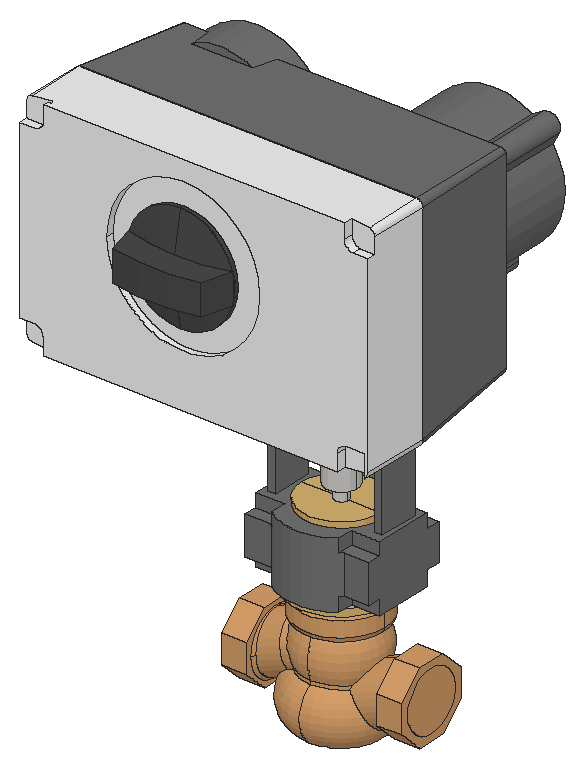
Revit family "VRB2_DN15-50_Internal_AMV(E) 438 SU_RFA_1", category Pipe Accessories, Revit 2019
Family settings
  Round Connector Dimension = Use Diameter
  Part Type = Valve - Breaks Into
  OmniClass Number = 23.65.55.14.17
  OmniClass Title = Adjusting/Controlling Valves for Liquid Services
  Work Plane-Based = No
  Always vertical = Yes
  Cut with Voids When Loaded = No
  Shared = No
Parameters (values of type "VRB2_DN15_Internal_Kvs0.63_065Z0231")
  W2A = 13 mm
  W = 137.6 mm  # constant formula
  Voltage = if(Actuator Type = [082H0123], 230 V, 24 V)  # 24 V
  R_200 = 17.5 mm
  Power = if(Actuator Type = [082H0121], 14 VA, 12 VA)  # 14 VA
  L = 80 mm
  Hmain = 84.8 mm
  Ha = 215.5 mm
  H_6 = -13 mm
  H_10 = 0 mm
  Min Medium Temperature = "-10°C"  # constant formula
  Max Medium Temperature = "130°C"  # constant formula
  H_T2 = 5.3 mm
  H_T1 = 7 mm
  L_thread = 6.314 mm
  H_5 = 20 mm
  L_thread3 = 16 mm
  Weight = 0.60 kg
  W3B = 10.5 mm
  W3A = 6 mm
  W2 = 13 mm
  W1 = 17 mm
  Valve Body Material = Danfoss Bronze (Rg5)
  V1 = if(and(LOD 350, D > 32 mm), 1 = 1, 1 = 0)  # no
  URL = "https://store.danfoss.com/en/Climate-Solutions-for-heating/Motorised-Control-Valves-/Globe-Valves/Valves-for-Heating-and-Cooling/c/4105?q=%3Arelevance%3Adanfoss_a50461501115_fts%3ATA5_1501120%3Adanfoss_producttypehierarchydesc%3Aa5e504a3817184ac1e79bda848e9e8cc9261b525&text="
  H_9 = -5 mm
  H_8 = 9 mm
  L1 = 11 mm
  Stroke = "10 mm"
  R1 = 13.5 mm
  R7 = 2.1 mm
  R4 = 3 mm
  R6 = 10.5 mm
  R5 = 12.5 mm
  R3 = 18.5 mm
  R_Flow Pipe = 13 mm
  Pressure Drop [instance] = 0.0 bar
  Nominal Pressure = "PN 16"  # constant formula
  NT = 11.25 mm
  L_thread2 = 33 mm
  N1 = 13 mm
  Model Type = "VRB2_DN15_Internal_Kvs0.63"
  Model = "065Z0231"
  Manufacturer = "Danfoss"
  LOD 350 = not(LOD 200)  # yes
  LOD 200 = no
  LM = 58 mm
  LL = 40 mm
  Kvs = 0.63 m³/h
  IfcExportType = "VRB2"  # constant formula
  IfcExportAs = "IfcValveType"  # constant formula
  H_Body Bottom = 25 mm
  HT_Flow pipe = 5 mm
  H_2_ve = -H_2  # -23.5 mm
  H_2 = 23.5 mm
  H_Body Top = 23 mm
  HB_Flow Pipe = 6.314 mm
  H_3 = 25.5 mm
  H1 = 39.5 mm
  H_1 = 31 mm
  H = 240.5 mm
  Flow [instance] = 0.0 m³/h
  Description = "Motorized Control Valve"  # constant formula
  D1 = 33 mm
  D4 = 25.1 mm
  D3 = 29.1 mm
  D2 = 23.1 mm
  D = 15 mm
  Connection = "Internal Thread"  # constant formula
  NT2 = 14.289 mm
  NT1 = NT * cos(30.00°)  # 9.743 mm
  Adapter Type = Adapter_AMV(E) 15(25)(35)_RFA : Adapter_AMV(E) 15(25)(35)_DN15-50_065Z0311
  Actuator Type = AMV(E) 438 SU_RFA : AME 438 SU_24V_082H0121
  A2_Flow Pipe = 158.00°
  A1_Flow pipe = 158.00°
  082H0123 = AMV(E) 438 SU_RFA : AMV 438 SU_230V_082H0123
  082H0121 = AMV(E) 438 SU_RFA : AME 438 SU_24V_082H0121
Reference planes
  plane 1 "Center (Front/Back)": y = 0
  plane 2 "XYPLANE": z = 0
  plane 3 "Center (Left/Right)": x = 0
  plane 4 "429": x = 27
  plane 5 "428": x = 29
  plane 6 "382": z = 23
  plane 7 "373": z = 0
  plane 8 "351": y = 7.5
  plane 9 "350": y = -7.5
  plane 10 "346": y = 1.5
  plane 11 "345": y = 4.5
  plane 12 "344": y = 10.5
  plane 13 "343": y = 12
  plane 14 "342": y = -1.5
  plane 15 "341": y = -4.5
  plane 16 "340": y = -10.5
  plane 17 "339": y = -12
  plane 18 "311": z = 81.8
  plane 19 "308": z = 79.8
  plane 20 "305": z = 54.3
  plane 21 "301": z = 49
  plane 22 "299": z = 47
  plane 23 "296": z = 44
  plane 24 "293": z = 41
  plane 25 "290": z = 38
  plane 26 "285": z = 16
  plane 27 "283": z = 84.8
  plane 28 "280": z = 54.5
  plane 29 "277": z = 20
  plane 30 "270": z = 29
  plane 31 "268": x = -18.5
  plane 32 "232": z = 22
  plane 33 "183": y = -0.2
  plane 34 "88": y = -13
  plane 35 "77": y = 13
  plane 36 "73": x = -29
  plane 37 "59": z = 31
  plane 38 "20": z = -6.314
  plane 39 "19": z = 6.314
  plane 40 "18": z = -16
  plane 41 "17": z = 16
  plane 42 "14": x = 40
  plane 43 "13": x = -40
  plane 44 "4": x = 0
  plane 45 "3": y = 0
  plane 46 "1": z = 0
  plane 47: y = -16.5
  plane 48: y = 16.5
  plane 49: y = -16.5
  plane 50: y = 16.5
  plane 51: x = -27
  plane 52: y = -6.5
  plane 53: y = 6.5
  plane 54: y = -13
  plane 55: y = -66.1
  plane 56: y = 71.5
  plane 57: z = 215.5
  plane 58: z = -25
Forms (mm)
  Blend 1, solid, material "Danfoss Bronze (Rg5)" <- "Valve Body Material", visible <- "LOD 350", detail levels fine
    base sketch origin (27, -750, 0) x (0, 1, 0) y (0, 0, 1)
      loop
        circle (750, 0) r 12.55
    top sketch origin (27, -750, 0) x (0, 1, 0) y (0, 0, 1)
      loop
        circle (750, 0) r 14.55
    from 0 to 2
  Blend 2, solid, material "Danfoss Bronze (Rg5)" <- "Valve Body Material", visible <- "LOD 350", detail levels fine
    base sketch origin (-29, -750, 0) x (0, 1, 0) y (0, 0, 1)
      loop
        circle (750, 0) r 14.55
    top sketch origin (-29, -750, 0) x (0, 1, 0) y (0, 0, 1)
      loop
        circle (750, 0) r 11.55
    from 0 to 2
  Extrusion 3, solid, material "Danfoss Bronze (Rg5)" <- "Valve Body Material", visible <- "V1", detail levels fine
    sketch origin (-750, 0, 31) x (1, 0, 0) y (0, 1, 0)
      loop
        line (766.5, 0) -> (758.25, 14.289) -> (741.75, 14.289) -> (733.5, 0) -> (741.75, -14.289) -> (758.25, -14.289) -> (766.5, 0)
      loop
        circle (750, 0) r 12.5
    from 0 to 5
  Blend 4, solid, material "Danfoss Stainless Steel AISI 304 / AISI 316L", detail levels fine
    base sketch origin (-750, 0, 81.8) x (1, 0, 0) y (0, 1, 0)
      loop
        circle (750, 0) r 3
    top sketch origin (-750, 0, 81.8) x (1, 0, 0) y (0, 1, 0)
      loop
        circle (750, 0) r 2.1
    from 0 to 3
  Extrusion 5, solid, material "Danfoss Stainless Steel AISI 304 / AISI 316L", detail levels fine
    sketch origin (-750, 0, 79.8) x (1, 0, 0) y (0, 1, 0)
      loop
        circle (750, 0) r 2.1
    from 0 to 2
  Extrusion 6, solid, material "Danfoss Stainless Steel AISI 304 / AISI 316L", detail levels fine
    sketch origin (-750, 0, 54.3) x (1, 0, 0) y (0, 1, 0)
      loop
        circle (750, 0) r 3
    from 0 to 25.5 <- "H_3"
  Extrusion 7, solid, material "Danfoss Bronze (Rg5)" <- "Valve Body Material", visible <- "LOD 350", detail levels fine
    sketch origin (-750, 0, 49) x (1, 0, 0) y (0, 1, 0)
      loop
        line (761.25, 0) -> (755.625, 9.743) -> (744.375, 9.743) -> (738.75, 0) -> (744.375, -9.743) -> (755.625, -9.743) -> (761.25, 0)
    from 0 to 5.3 <- "H_T2"
  Extrusion 8, solid, material "Danfoss Bronze (Rg5)" <- "Valve Body Material", visible <- "LOD 350", detail levels fine
    sketch origin (-750, 0, 47) x (1, 0, 0) y (0, 1, 0)
      loop
        circle (750, 0) r 12.5
    from 0 to 2
  Extrusion 9, solid, material "Danfoss Bronze (Rg5)" <- "Valve Body Material", visible <- "LOD 350", detail levels fine
    sketch origin (-750, 0, 44) x (1, 0, 0) y (0, 1, 0)
      loop
        circle (750, 0) r 10.5
    from 0 to 3
  Extrusion 10, solid, material "Danfoss Bronze (Rg5)" <- "Valve Body Material", visible <- "LOD 350", detail levels fine
    sketch origin (-750, 0, 41) x (1, 0, 0) y (0, 1, 0)
      loop
        circle (750, 0) r 12.5
    from 0 to 3
  Extrusion 11, solid, material "Danfoss Bronze (Rg5)" <- "Valve Body Material", visible <- "LOD 350", detail levels fine
    sketch origin (-750, 0, 38) x (1, 0, 0) y (0, 1, 0)
      loop
        circle (750, 0) r 10.5
    from 0 to 3
  Extrusion 12, solid, material "Danfoss Bronze (Rg5)" <- "Valve Body Material", visible <- "LOD 350", detail levels fine
    sketch origin (-750, 0, 31) x (1, 0, 0) y (0, 1, 0)
      loop
        circle (750, 0) r 12.5
    from 0 to 7 <- "H_T1"
  Extrusion 13, solid, material "Danfoss Bronze (Rg5)" <- "Valve Body Material", visible <- "LOD 200", detail levels fine
    sketch origin (-750, 0, 54.5) x (1, 0, 0) y (0, 1, 0)
      loop
        circle (750, 0) r 12.5
    from -0.2 to -23.5 <- "H_2_ve"
  Revolve 14, solid, material "Danfoss Bronze (Rg5)" <- "Valve Body Material", visible <- "LOD 350", detail levels fine
    sketch origin (-16.5, 0, 31) x (0, 0, 1) y (1, 0, 0)
      loop
        line (0, 16.5) -> (-11, 16.5) -> (-11, -2) -> (-9, -3) -> (-2, -3) -> (0, -2) -> (0, 16.5)
      axis (0, 16.5) -> (-11, 16.5)
    angle from 0 to -360
  Extrusion 15, solid, material "Danfoss Bronze (Rg5)" <- "Valve Body Material", visible <- "LOD 350", detail levels fine
    sketch origin (0, 0, 20) x (1, 0, 0) y (0, 1, 0)
      loop
        circle (0, 0) r 13.5
    from 0 to -5 <- "H_9"
  Extrusion 16, solid, material "Danfoss Bronze (Rg5)" <- "Valve Body Material", visible <- "LOD 200", detail levels fine
    sketch origin (-750, 0, 31) x (1, 0, 0) y (0, 1, 0)
      loop
        circle (750, 0) r 18.5
    from 0 to -13 <- "H_6"
  Extrusion 17, solid, material "Danfoss Bronze (Rg5)" <- "Valve Body Material", visible <- "LOD 200", detail levels fine
    sketch origin (-29, -750, 0) x (0, 1, 0) y (0, 0, 1)
      loop
        circle (750, 0) r 12.55
    from 0 to 58 <- "LM"
  Revolve 18, solid, material "Danfoss Bronze (Rg5)" <- "Valve Body Material", detail levels fine
    sketch origin (0, -0.2, 18.55) x (0, -1, 0) y (0, 0, 1)
      loop
        line (-0.2, 4.45) -> (-0.2, -43.55) -> (12.8, -43.55)
        arc (12.8, -43.55) -> (23.128, -32.382) -> (16.8, -18.55) r 13.717
        line (16.8, -18.55) -> (16.8, -16.925)
        arc (16.8, -16.925) -> (18.5, -5.545) -> (12.8, 4.45) r 17.586
        line (12.8, 4.45) -> (-0.2, 4.45)
      axis (-0.2, 4.45) -> (-0.2, -43.55)
    angle from 0 to -360
  Extrusion 19, solid, material "Danfoss Bronze (Rg5)" <- "Valve Body Material", visible <- "LOD 350", detail levels fine
    sketch origin (40, -750, 0) x (0, 1, 0) y (0, 0, 1)
      loop
        line (733.5, 6.314) -> (733.5, -6.314) -> (743.5, -16) -> (756.5, -16) -> (766.5, -6.314) -> (766.5, 6.314) -> (756.5, 16) -> (743.5, 16) -> (733.5, 6.314)
    from 0 to -11
  Extrusion 20, solid, material "Danfoss Bronze (Rg5)" <- "Valve Body Material", visible <- "LOD 350", detail levels fine
    sketch origin (-40, -750, 0) x (0, 1, 0) y (0, 0, 1)
      loop
        line (743.5, 16) -> (733.5, 6.314) -> (733.5, -6.314) -> (743.5, -16) -> (756.5, -16) -> (766.5, -6.314) -> (766.5, 6.314) -> (756.5, 16) -> (743.5, 16)
    from 0 to 11
  Sweep 21, solid, material "Danfoss Bronze (Rg5)" <- "Valve Body Material", visible <- "LOD 350", detail levels fine
    path origin (-16.5, 0, 31) x (0, 0, 1) y (1, 0, 0)
      loop
        line (-31, -23.5) -> (-31, -12.5) -> (-26, -0.125) -> (-26, 16.5)
    profile origin (-34.5, 0, 0) x (0, 0, -1) y (0, 1, 0)
      loop
        circle (0, 0) r 13
  Sweep 22, solid, material "Danfoss Bronze (Rg5)" <- "Valve Body Material", visible <- "LOD 350", detail levels fine
    path origin (-16.5, 0, 31) x (0, 0, 1) y (1, 0, 0)
      loop
        line (-31, 56.5) -> (-31, 45.5) -> (-37.314, 29.872) -> (-37.314, 16.5)
    profile origin (34.5, 0, 0) x (0, 0, 1) y (0, 1, 0)
      loop
        circle (0, 0) r 13
  Extrusion 23, solid, material "Danfoss Bronze (Rg5)" <- "Valve Body Material", visible <- "LOD 200", detail levels fine
    sketch origin (40, -750, 0) x (0, 1, 0) y (0, 0, 1)
      loop
        circle (750, 0) r 17.5
    from 0 to -11
  Extrusion 24, solid, material "Danfoss Bronze (Rg5)" <- "Valve Body Material", visible <- "LOD 200", detail levels fine
    sketch origin (-80, -750, 0) x (0, 1, 0) y (0, 0, -1)
      loop
        circle (750, 0) r 17.5
    from -40 to -51
Lines and regions (mm)
  reference lines, not visible
    curve 1: circle (2, 2, 0) r 1 normal (0, 0, 1)
  reference lines, visible <- "LOD 350"
    curve 2: line (0, 0, 31) -> (-4.125, 7.145, 31)
    curve 3: line (0, 0, 31) -> (-8.25, 0, 31)
    curve 4: line (0, 0, 31) -> (-4.125, -7.145, 31)
    curve 5: line (0, 0, 49) -> (-2.813, 4.871, 49)
    curve 6: line (0, 0, 49) -> (-5.625, 0, 49)
    curve 7: line (0, 0, 49) -> (-2.812, -4.871, 49)
Dimensions and locks
  plane 1 "Center (Front/Back)" to curve 1 = 2 mm
  locked: plane 5 "428" to plane 4 "429" at 2
  "L1": plane 42 "14" to plane 5 "428"
  locked: plane 12 "344" to plane 8 "351" at 3
  locked: plane 16 "340" to plane 9 "350" at 3
  locked: plane 11 "345" to plane 10 "346" at 3
  locked: plane 8 "351" to plane 11 "345" at 3
  locked: plane 13 "343" to plane 12 "344" at 1.5
  locked: plane 35 "77" to plane 13 "343" at 1
  locked: plane 15 "341" to plane 14 "342" at 3
  locked: plane 9 "350" to plane 15 "341" at 3
  locked: plane 17 "339" to plane 16 "340" at 1.5
  locked: plane 34 "88" to plane 17 "339" at 1
  locked: plane 19 "308" to plane 18 "311" at 2
  "H_3": plane 20 "305" to plane 19 "308"
  "H_T2": plane 21 "301" to plane 20 "305"
  locked: plane 22 "299" to plane 21 "301" at 2
  locked: plane 23 "296" to plane 22 "299" at 3
  locked: plane 24 "293" to plane 23 "296" at 3
  locked: plane 25 "290" to plane 24 "293" at 3
  "H_T1": plane 37 "59" to plane 25 "290"
  locked: plane 29 "277" to plane 26 "285" at 4
  "H_2": plane 37 "59" to plane 28 "280"
  locked: plane 37 "59" to plane 30 "270" at 2
  "R3": plane 44 "4" to plane 31 "268"
  "H_8": plane 37 "59" to plane 32 "232"
  locked: plane 45 "3" to plane 33 "183" at 0.2
  "W2": plane 45 "3" to plane 34 "88"
  "W2": plane 45 "3" to plane 35 "77"
  "L1": plane 43 "13" to plane 36 "73"
  "H_1": plane 46 "1" to plane 37 "59"
  "L_thread": plane 46 "1" to plane 38 "20"
  "L_thread": plane 46 "1" to plane 39 "19"
  "L_thread3": plane 46 "1" to plane 40 "18"
  "L_thread3": plane 46 "1" to plane 41 "17"
  "LL": plane 44 "4" to plane 42 "14"
  "LL": plane 44 "4" to plane 43 "13"
  locked: plane 3 "Center (Left/Right)" to plane 44 "4"
  locked: plane 1 "Center (Front/Back)" to plane 45 "3"
  locked: plane 2 "XYPLANE" to plane 46 "1"
  "NT2": curve 2 to Extrusion 3 sketch curve  (x2)
  "NT2": curve 3 to Extrusion 3 sketch curve  (x2)
  "NT2": curve 4 to Extrusion 3 sketch curve  (x2)
  Extrusion 3 sketch curve to Extrusion 3 sketch curve = 0 mm  (x12)
  "NT1": curve 5 to Extrusion 7 sketch curve  (x2)
  "NT1": curve 6 to Extrusion 7 sketch curve  (x2)
  "NT1": curve 7 to Extrusion 7 sketch curve  (x2)
  Extrusion 7 sketch curve to Extrusion 7 sketch curve = 0 mm  (x12)
  Revolve 14 sketch curve to Revolve 14 sketch curve = 0 mm  (x6)
  Extrusion 20 sketch curve to Extrusion 20 sketch curve = 0 mm  (x16)
  "H_5": plane 29 "277" to level
  Revolve 18 sketch curve to Revolve 18 sketch curve = 1.625 mm
  "H_Body Top": plane 6 "382" to level
  "W1": plane 1 "Center (Front/Back)" to Revolve 18 sketch curve
  plane 42 "14" to plane 43 "13" = 80 mm
  "W3B": plane 34 "88" to Revolve 18 sketch curve
  "H_Body Bottom": level to Revolve 18 sketch curve
  "N1": Extrusion 20 sketch curve to Extrusion 20 sketch curve  (x2)
  equal spacing: Extrusion 20 sketch curve, plane 1 "Center (Front/Back)", Extrusion 20 sketch curve  (x2)
  equal spacing: plane 48, plane 1 "Center (Front/Back)", plane 47
  "L_thread2": plane 48 to plane 47
  equal spacing: plane 50, plane 1 "Center (Front/Back)", plane 49
  "L_thread2": plane 50 to plane 49
  locked: plane 36 "73" to plane 51 at 2
  plane 13 "343" to plane 17 "339" = 24 mm
  equal spacing: plane 53, plane 1 "Center (Front/Back)", plane 52
  "N1": plane 53 to plane 52
  plane 39 "19" to Extrusion 19 sketch curve = 0 mm
  Extrusion 19 sketch curve to plane 52 = 0 mm  (x2)
  "HT_Flow pipe": Sweep 21 sketch curve to Sweep 21 sketch curve
  "HB_Flow Pipe": Sweep 22 sketch curve to Sweep 22 sketch curve
  Extrusion 19 sketch curve to plane 53 = 0 mm  (x3)
  Extrusion 19 sketch curve to plane 38 "20" = 0 mm  (x2)
  Extrusion 19 sketch curve to plane 39 "19" = 0 mm
  "W2A": plane 1 "Center (Front/Back)" to plane 54
  "W3A": plane 54 to Revolve 18 sketch curve
  Revolve 14 sketch curve to plane 31 "268" = 0 mm
  plane 1 "Center (Front/Back)" to Revolve 18 sketch curve = 23.5 mm
  locked: nested 2 to plane 37 "59" at 1.3
  locked: nested 3 to plane 37 "59" at 4.5
  locked: plane 55 to plane 1 "Center (Front/Back)" at 66.1
  "W": plane 55 to plane 56
  "Ha": plane 57 to level
  "H": plane 57 to plane 58
  "Hmain": plane 27 "283" to level
  "D3": diameter of Blend 1 sketch curve
  "D4": diameter of Blend 1 sketch curve
  "D2": diameter of Blend 2 sketch curve
  "D3": diameter of Blend 2 sketch curve
  "R5": radius of Extrusion 3 sketch curve
  "R7": radius of Blend 4 sketch curve
  "R4": radius of Blend 4 sketch curve
  "R7": radius of Extrusion 5 sketch curve
  "R4": radius of Extrusion 6 sketch curve
  "R5": radius of Extrusion 8 sketch curve
  "R6": radius of Extrusion 9 sketch curve
  "R5": radius of Extrusion 10 sketch curve
  "R6": radius of Extrusion 11 sketch curve
  "R5": radius of Extrusion 12 sketch curve
  "R5": radius of Extrusion 13 sketch curve
  "R1": radius of Extrusion 15 sketch curve
  "D4": diameter of Extrusion 17 sketch curve
  "R_Flow Pipe": radius of Sweep 21 sketch curve
  "R_Flow Pipe": radius of Sweep 22 sketch curve
  "R3": radius of Extrusion 16 sketch curve
  "R_200": radius of Extrusion 23 sketch curve
  "R_200": radius of Extrusion 24 sketch curve
  locked: curve 3 to curve 2 (angle 60.00°)
  locked: curve 4 to curve 3 (angle 60.00°)
  locked: curve 4 to curve 2 (angle 120.00°)
  locked: curve 6 to curve 5 (angle 60.00°)
  locked: curve 7 to curve 6 (angle 60.00°)
  locked: curve 7 to curve 5 (angle 120.00°)
  "A1_Flow pipe": angle Sweep 21 sketch curve to level
  "A2_Flow Pipe": angle Sweep 22 sketch curve to level
  aligned and locked: level to plane 2 "XYPLANE"
  aligned and locked: Blend 1 sketch curve to plane 45 "3"  (x2)
  aligned and locked: plane 46 "1" to Blend 1 sketch curve  (x2)
  aligned and locked: plane 5 "428" to Blend 1
  aligned and locked: Blend 2 sketch curve to plane 45 "3"  (x2)
  aligned and locked: plane 46 "1" to Blend 2 sketch curve  (x2)
  aligned and locked: plane 44 "4" to curve 4
  aligned and locked: plane 45 "3" to curve 4
  aligned and locked: plane 44 "4" to Extrusion 3 sketch curve
  aligned and locked: plane 45 "3" to Extrusion 3 sketch curve
  aligned and locked: plane 44 "4" to Blend 4 sketch curve  (x2)
  aligned and locked: plane 45 "3" to Blend 4 sketch curve  (x2)
  aligned and locked: plane 27 "283" to Blend 4
  aligned and locked: plane 44 "4" to Extrusion 5 sketch curve
  aligned and locked: plane 45 "3" to Extrusion 5 sketch curve
  aligned and locked: plane 44 "4" to Extrusion 6 sketch curve
  aligned and locked: plane 45 "3" to Extrusion 6 sketch curve
  aligned and locked: plane 44 "4" to curve 7
  aligned and locked: plane 45 "3" to curve 7
  aligned and locked: plane 44 "4" to Extrusion 8 sketch curve
  aligned and locked: plane 45 "3" to Extrusion 8 sketch curve
  aligned and locked: plane 44 "4" to Extrusion 9 sketch curve
  aligned and locked: plane 45 "3" to Extrusion 9 sketch curve
  aligned and locked: plane 44 "4" to Extrusion 10 sketch curve
  aligned and locked: plane 45 "3" to Extrusion 10 sketch curve
  aligned and locked: plane 44 "4" to Extrusion 11 sketch curve
  aligned and locked: plane 45 "3" to Extrusion 11 sketch curve
  aligned and locked: plane 44 "4" to Extrusion 12 sketch curve
  aligned and locked: plane 45 "3" to Extrusion 12 sketch curve
  aligned and locked: plane 44 "4" to Extrusion 13 sketch curve
  aligned and locked: plane 45 "3" to Extrusion 13 sketch curve
  aligned and locked: plane 37 "59" to Revolve 14 sketch curve  (x2)
  aligned and locked: plane 31 "268" to Revolve 14 sketch curve
  aligned and locked: plane 30 "270" to Revolve 14 sketch curve
  aligned and locked: plane 32 "232" to Revolve 14 sketch curve
  aligned and locked: plane 29 "277" to Revolve 14 sketch curve  (x2)
  aligned and locked: plane 44 "4" to Extrusion 15 sketch curve
  aligned and locked: plane 45 "3" to Extrusion 15 sketch curve
  aligned and locked: plane 44 "4" to Extrusion 16 sketch curve
  aligned and locked: plane 45 "3" to Extrusion 16 sketch curve
  aligned and locked: Extrusion 17 sketch curve to plane 45 "3"
  aligned and locked: plane 46 "1" to Extrusion 17 sketch curve
  aligned and locked: Revolve 18 sketch curve to plane 34 "88"
  aligned and locked: plane 46 "1" to Revolve 18 sketch curve
  aligned and locked: Extrusion 20 sketch curve to plane 41 "17"
  aligned and locked: plane 41 "17" to Extrusion 20 sketch curve
  aligned and locked: plane 40 "18" to Extrusion 20 sketch curve  (x2)
  aligned and locked: plane 6 "382" to Revolve 18 sketch curve
  aligned and locked: Extrusion 20 sketch curve to plane 48
  aligned and locked: plane 47 to Extrusion 20 sketch curve  (x2)
  aligned and locked: plane 48 to Extrusion 20 sketch curve
  aligned and locked: plane 49 to Extrusion 19 sketch curve
  aligned and locked: Extrusion 20 to Extrusion 19 sketch curve
  aligned and locked: plane 40 "18" to Extrusion 19 sketch curve
  aligned and locked: Sweep 21 sketch curve to level
  aligned and locked: level to Sweep 21 sketch curve
  aligned and locked: plane 1 "Center (Front/Back)" to Sweep 21 sketch curve
  aligned and locked: level to Sweep 22 sketch curve  (x2)
  aligned and locked: plane 1 "Center (Front/Back)" to Sweep 22 sketch curve
  aligned and locked: plane 20 "305" to Extrusion 13
  aligned and locked: plane 41 "17" to Extrusion 19 sketch curve
  aligned and locked: plane 3 "Center (Left/Right)" to Revolve 14 sketch curve
  aligned and locked: Revolve 14 sketch curve to Revolve 14 sketch curve
  aligned and locked: Extrusion 16 to Revolve 14 sketch curve
  aligned and locked: plane 1 "Center (Front/Back)" to nested 1
  aligned and locked: plane 3 "Center (Left/Right)" to nested 1
  aligned and locked: plane 54 to Revolve 18 sketch curve
  aligned and locked: plane 29 "277" to Extrusion 15
  aligned and locked: Extrusion 19 to plane 5 "428"
  aligned and locked: plane 36 "73" to Extrusion 20
  aligned and locked: Extrusion 23 to plane 5 "428"
  aligned and locked: Extrusion 23 to plane 42 "14"
  aligned and locked: Extrusion 24 to plane 36 "73"
  aligned and locked: Extrusion 24 to plane 43 "13"
  aligned and locked: Revolve 18 sketch curve to plane 1 "Center (Front/Back)"  (x2)
  aligned and locked: plane 3 "Center (Left/Right)" to nested 2
  aligned and locked: plane 1 "Center (Front/Back)" to nested 2
  aligned and locked: plane 1 "Center (Front/Back)" to nested 3
Automatic sketch dimensions
  plane 3 "Center (Left/Right)" to curve 1 = 2 mm
  Revolve 14 sketch curve to Revolve 14 sketch curve = 1 mm
  Extrusion 16 sketch curve to plane 31 "268" = 0 mm
  Revolve 18 sketch curve to plane 18 "311" = 0.092 mm
  Revolve 18 sketch curve to plane 57 = 2525.961 mm
  Extrusion 20 sketch curve to plane 38 "20" = 0 mm  (x2)
  Extrusion 20 sketch curve to plane 39 "19" = 0 mm  (x2)
  Sweep 21 sketch curve to plane 43 "13" = 0 mm
  Sweep 21 sketch curve to plane 36 "73" = 0 mm
  Sweep 21 sketch curve to plane 3 "Center (Left/Right)" = 0 mm
  Sweep 22 sketch curve to plane 3 "Center (Left/Right)" = 0 mm
  Sweep 22 sketch curve to plane 5 "428" = 0 mm
  Sweep 22 sketch curve to plane 42 "14" = 0 mm
  Extrusion 23 sketch curve to level = 0 mm
  Extrusion 23 sketch curve to plane 1 "Center (Front/Back)" = 0 mm
  Extrusion 24 sketch curve to level = 0 mm
  Extrusion 24 sketch curve to plane 1 "Center (Front/Back)" = 0 mm
  radius of curve 1 = 1 mm
Nested families
  nested 1: "Schematic_2-Way Valve" at (0, 0, 0), type "Schematic_2-Way Valve", detail levels coarse+medium
    with L_1 26.667 mm, L 80 mm, H 80 mm, D1 33 mm
  nested 2: "Adapter_AMV(E) 15(25)(35)_RFA" at (0, 0, 32.3), type <- "Adapter Type", type "Adapter_AMV(E) 15(25)(35)_DN15-50_065Z0311", detail levels fine
  nested 3: "AMV(E) 438 SU_RFA" at (0, 0, 35.5), LOD 200 <- "LOD 200", type <- "Actuator Type", Voltage <- "Voltage", Power <- "Power", type "AME 438 SU_24V_082H0121", detail levels fine
    with Voltage 24 V, Power 14 VA, LOD 350 yes, LOD 200 no
Connectors
  piping at (40, 0, 0), diameter 15, driven by "D", driven by "Flow"
    settings: on Sweep 22, index 4, connector inside diameter 609.6 mm, connector length 0 mm, flow factor 0, pipe flow 0.0 m³/h, pressure drop 0.0 bar, fitting loss kfactor 0, connector angle 0.00°, fixture units 0, engagement length 0 mm, angle of deflection 0.00°, flow configuration 0, flow direction 1, fitting loss method 0, system type 29, joint type 0, gender type 0, connector reference index 5, connector utility 0, adjustable connector no, is connector primary no, connector description ""
  piping at (-40, 0, 0), diameter 15, driven by "D", driven by "Flow"
    settings: on Sweep 21, index 5, connector inside diameter 609.6 mm, connector length 0 mm, flow factor 0, pipe flow 0.0 m³/h, pressure drop 0.0 bar, fitting loss kfactor 0, connector angle 0.00°, fixture units 0, engagement length 0 mm, angle of deflection 0.00°, flow configuration 0, flow direction 2, fitting loss method 0, system type 29, joint type 0, gender type 0, connector reference index 4, connector utility 0, adjustable connector no, is connector primary yes, connector description ""
  electrical at (0, 0, 0), driven by "Voltage", driven by "Power"
    settings: index 14, voltage 24 V, apparent load 0 VA, apparent load phase1 14 VA, apparent load phase2 0 VA, apparent load phase3 0 VA, power factor 0.95, load classification "HVAC", number of poles 1, system type 31, power factor state 1, is connector primary yes, connector utility no, sub classification motor no, connector description ""
Definition of nested family "Adapter_AMV(E) 15(25)(35)_RFA"
  Parameters (values of type "Adapter_AMV(E) 25_DN40-100_003Z0694")
    W = 45 mm
    URL = "https://store.danfoss.com/en/Climate-Solutions-for-heating/Hydronic-Balancing-and-Control/Pressure-independent-balancing-and-control/Pressure-Independent-Control-Valves-%28PICV%29/AB-QM-Accessories/Adapter-AMV-E-25-DN-40---100/p/003Z0694"
    Model Type = "Adapter_AMV(E) 25_DN40-100"
    Model = "003Z0694"
    Manufacturer = "Danfoss"  # constant formula
    L = 45 mm
    IfcExportType = "Adapter"  # constant formula
    IfcExportAs = "IfcValveType"  # constant formula
    H2 = 20 mm
    H1 = 20 mm
    H = 54.7 mm
    Description = "Adapter"  # constant formula
  Types (2, lengths in mm): name | URL | Model Type | Model | H2 | H1 | H
    Adapter_AMV(E) 25_DN40-100_003Z0694 | "https://store.danfoss.com/en/Climate-Solutions-for-heating/Hydronic-Balancing-and-Control/Pressure-independent-balancing-and-control/Pressure-Independent-Control-Valves-%28PICV%29/AB-QM-Accessories/Adapter-AMV-E-25-DN-40---100/p/003Z0694" | "Adapter_AMV(E) 25_DN40-100" | "003Z0694" | 20 | 20 | 54.7
    Adapter_AMV(E) 15(25)(35)_DN15-50_065Z0311 | "https://store.danfoss.com/en/Climate-Solutions-for-heating/Motorised-Control-Valves/Actuators-for-Globe-Valves/Accessories-for-actuators/AdapAMx15-16-25-35-VRB-G%2CVF-L2009dn15-50/p/065Z0311" | "Adapter_AMV(E) 15(25)(35)_DN15-50" | "065Z0311" | 28 | 34 | 69
  Reference planes
    plane 1 "Center (Front/Back)": y = 0
    plane 2: z = 0
    plane 3 "Center (Left/Right)": x = 0
    plane 4: z = 54.7
    plane 5: x = -22.5
    plane 6: x = 22.5
    plane 7: z = 34.7
    plane 8: z = 34.7
  Forms (mm)
    Revolve 1, solid
      sketch origin (0, 0, 0) x (1, 0, 0) y (0, 0, 1)
        loop
          line (0, 34.7) -> (-17.5, 34.7) -> (-17.5, 29.396) -> (-14.5, 18.2) -> (-17.5, 18.2) -> (-17.5, 3.2) -> (-22.5, 3.2) -> (-22.5, 0) -> (0, 0) -> (0, 34.7)
        axis (0, 34.7) -> (0, 0)
      angle from 0 to 360
    Revolve 2, solid
      sketch origin (0, 0, 0) x (1, 0, 0) y (0, 0, 1)
        loop
          line (0, 54.7) -> (-3, 54.7) -> (-3, 52.7) -> (-2, 52.7) -> (-2, 48.7) -> (-4, 45.844) -> (-4, 41.2) -> (-7, 41.2) -> (-7, 34.7) -> (0, 34.7) -> (0, 54.7)
        axis (0, 54.7) -> (0, 34.7)
      angle from 0 to 360
  Dimensions and locks
    equal spacing: plane 6, plane 3 "Center (Left/Right)", plane 5
    "L": plane 6 to plane 5
    "H": plane 4 to plane 2
    plane 3 "Center (Left/Right)" to Revolve 1 sketch curve = 17.5 mm
    Revolve 1 sketch curve to Revolve 1 sketch curve = 3.2 mm
    "H1": plane 4 to plane 7
    "H2": plane 4 to plane 8
    aligned and locked: level to plane 2
    aligned and locked: Revolve 1 sketch curve to plane 3 "Center (Left/Right)"
    aligned and locked: Revolve 1 sketch curve to plane 5
    aligned and locked: Revolve 1 sketch curve to plane 2
    aligned and locked: Revolve 1 sketch curve to Revolve 1 sketch curve
    aligned and locked: Revolve 2 sketch curve to plane 3 "Center (Left/Right)"
    aligned and locked: Revolve 2 sketch curve to plane 4
    aligned and locked: Revolve 2 sketch curve to Revolve 2 sketch curve
    aligned and locked: Revolve 1 sketch curve to plane 7
    aligned and locked: Revolve 2 sketch curve to plane 8
  Automatic sketch dimensions
    Revolve 1 sketch curve to level = 0 mm
    plane 5 to Revolve 1 sketch curve = 5 mm
    Revolve 1 sketch curve to Revolve 1 sketch curve = 3 mm
    Revolve 1 sketch curve to Revolve 1 sketch curve = 15 mm
    Revolve 1 sketch curve to Revolve 1 sketch curve = 5.304 mm
    Revolve 2 sketch curve to plane 4 = 0 mm
    Revolve 2 sketch curve to plane 3 "Center (Left/Right)" = 2 mm
    Revolve 2 sketch curve to Revolve 2 sketch curve = 1 mm
    Revolve 2 sketch curve to plane 3 "Center (Left/Right)" = 4 mm
    Revolve 2 sketch curve to Revolve 2 sketch curve = 7 mm
    Revolve 2 sketch curve to Revolve 2 sketch curve = 4.644 mm
    Revolve 2 sketch curve to Revolve 2 sketch curve = 2.856 mm
    Revolve 2 sketch curve to plane 4 = 2 mm
    Revolve 2 sketch curve to Revolve 2 sketch curve = 4 mm
    Revolve 1 sketch curve to plane 7 = 0 mm
    plane 7 to Revolve 2 sketch curve = 2 mm
Definition of nested family "AMV(E) 438 SU_RFA"
  Parameters (values of type "AME 438 SU_24V_082H0121")
    Weight = 2.30 kg  # constant formula
    W [instance] = 137.6 mm
    Voltage [instance] = 24 V
    URL = "https://store.danfoss.com/en/Climate-Solutions-for-heating/Motorised-Control-Valves/Actuators-for-Globe-Valves/Actuators-With-Safety-Function/c/4110?q=%3Arelevance%3Adanfoss_producttypehierarchydesc%3AAME+438+SU%3Adanfoss_producttypehierarchydesc%3AAMV+438+SU&text="
    Speed = "15 s/mm"  # constant formula
    Safety Function = "Spring Up"  # constant formula
    Power [instance] = 14 VA
    Output Signal = "0-10 V"
    Model Type = "AME 438 SU_24V"
    Model = "082H0121"
    Min Ambient Temperature = "0 °C"  # constant formula
    Max Stroke = 15 mm  # constant formula
    Max Medium Temperature = "150 °C"  # constant formula
    Max Ambient Temperature = "55 °C"  # constant formula
    Manufacturer = "Danfoss"  # constant formula
    LOD 350 [instance] = not(LOD 200)  # yes
    LOD 200 [instance] = no
    L [instance] = 155 mm
    IfcExportType = "AME 438 SU"
    IfcExportAs = "IfcActuatorType"  # constant formula
    H [instance] = 180 mm
    Description = "Gear Actuator"  # constant formula
    Control Input Signal = "0-10 V / 0-20 mA"
    Closing Force = "450 N"  # constant formula
    Body Material = none
  Types (4, lengths in mm): name | Voltage | Power | Output Signal | Model Type | Model | IfcExportType | Control Input Signal
    (no name) | 24 V | 14 VA | "0-10 V" | "AME 438 SU_24V" | "082H0121" | "AME 438 SU" | "0-10 V / 0-20 mA"
    AMV 438 SU_24V_082H0122 | 24 V | 12 VA | "End-position feedback" | "AMV 438 SU_24V" | "082H0122" | "AMV 438 SU" | "3-point"
    AME 438 SU_24V_082H0121 | 24 V | 14 VA | "0-10 V" | "AME 438 SU_24V" | "082H0121" | "AME 438 SU" | "0-10 V / 0-20 mA"
    AMV 438 SU_230V_082H0123 | 230 V | 12 VA | "End-position feedback" | "AMV 438 SU_230V" | "082H0123" | "AMV 438 SU" | "3-point"
  Reference planes
    plane 1 "Center (Front/Back)": y = 0
    plane 2: z = 0
    plane 3 "Center (Left/Right)": x = 0
    plane 4: z = 180
    plane 5: x = 28
    plane 6 "1": x = -28
    plane 7: x = 51
    plane 8: x = -104
    plane 9: z = 74
    plane 10: z = 29.5
    plane 11: y = 71.5
    plane 12: y = -66.1
    plane 13: y = -54
    plane 14: y = 34
    plane 15: y = 23
    plane 16: y = -23
    plane 17: x = 22
    plane 18: x = -22
    plane 19: x = 46
    plane 20: x = -99
    plane 21: z = 79
    plane 22: z = 175
    plane 23: z = 176
    plane 24: z = 78
    plane 25: y = -49
    plane 26: z = 173.2
    plane 27: z = 80.8
    plane 28: z = 134.5
    plane 29 "2": x = -31
    plane 30: x = -97
    plane 31: x = 44
    plane 32: x = -71.6
    plane 33: x = 11
    plane 34: y = -18.5
  Forms (mm)
    Extrusion 1, solid, material <- "Body Material", visible <- "LOD 350", detail levels fine
      sketch origin (0, 0, 0) x (1, 0, 0) y (0, 1, 0)
        loop
          arc (-16.248, -19) -> (0, -25) -> (16.248, -19) r 25
          line (16.248, -19) -> (27.62, -19) -> (27.62, 20) -> (15, 20)
          arc (15, 20) -> (0, 25) -> (-15, 20) r 25
          line (-15, 20) -> (-27.62, 20) -> (-27.62, -19) -> (-16.248, -19)
      from 0 to 29.5
    Extrusion 2, solid, material <- "Body Material", visible <- "LOD 350", detail levels fine
      sketch origin (0, 0, 0) x (1, 0, 0) y (0, 0, 1)
        loop
          line (22, 66.67) -> (22, 29.5) -> (25.4, 29.5) -> (25.4, 66.67) -> (22, 66.67)
      from -9 to 9
    Extrusion 3, solid, material <- "Body Material", visible <- "LOD 350", detail levels fine
      sketch origin (0, 0, 0) x (-1, 0, 0) y (0, 0, -1)
        loop
          line (22, -66.67) -> (25.4, -66.67) -> (25.4, -29.5) -> (22, -29.5) -> (22, -66.67)
      from -9 to 9
    Blend 4, solid, visible <- "LOD 350", detail levels fine
      base sketch origin (0, 0, 0) x (1, 0, 0) y (0, 0, 1)
        loop
          line (51, 80.879) -> (51, 173.2)
          arc (51, 173.2) -> (50.295, 175.174) -> (48.5, 176.255) r 3.117
          arc (48.5, 176.255) -> (-26.5, 180.013) -> (-101.5, 176.255) r 750.263
          arc (-101.5, 176.255) -> (-103.295, 175.174) -> (-104, 173.2) r 3.117
          line (-104, 173.2) -> (-104, 80.8)
          arc (-104, 80.8) -> (-103.295, 78.826) -> (-101.5, 77.745) r 3.117
          arc (-101.5, 77.745) -> (-26.535, 73.991) -> (48.429, 77.738) r 751.077
          arc (48.429, 77.738) -> (50.275, 78.849) -> (51, 80.879) r 3.204
      top sketch origin (0, 0, 0) x (1, 0, 0) y (0, 0, 1)
        loop
          line (-104, 173.2) -> (-104, 80.8)
          arc (-104, 80.8) -> (-103.295, 78.826) -> (-101.5, 77.745) r 3.117
          arc (-101.5, 77.745) -> (-26.535, 73.991) -> (48.429, 77.738) r 751.077
          arc (48.429, 77.738) -> (50.275, 78.849) -> (51, 80.879) r 3.204
          line (51, 80.879) -> (51, 173.2)
          arc (51, 173.2) -> (50.295, 175.174) -> (48.5, 176.255) r 3.117
          arc (48.5, 176.255) -> (-26.5, 180.013) -> (-101.5, 176.255) r 750.263
          arc (-101.5, 176.255) -> (-103.295, 175.174) -> (-104, 173.2) r 3.117
      from 18.5 to 49
    Revolve 5, solid, visible <- "LOD 350", detail levels fine
      sketch origin (-31, 0, 0) x (0, 0, 1) y (0, -1, 0)
        loop
          line (158.578, 49) -> (158.578, 50.625) -> (140.681, 54) -> (134.5, 54) -> (134.5, 49) -> (158.578, 49)
        axis (134.5, 49) -> (134.5, 54)
      angle from 0 to 360
    Extrusion 6, solid, visible <- "LOD 350", detail levels fine
      sketch origin (0, 4.396, 0) x (1, 0, 0) y (0, 1, 0)
        loop
          arc (-50.517, -68.508) -> (-30.981, -70.634) -> (-11.456, -68.408) r 88.747
          line (-11.456, -68.408) -> (-7.869, -55.021)
          arc (-7.869, -55.021) -> (-31, -58.764) -> (-54.131, -55.021) r 73.346
          line (-54.131, -55.021) -> (-50.517, -68.508)
      from 127.697 to 141.4
    Extrusion 7, void
      sketch origin (0, 0, 0) x (1, 0, 0) y (0, 0, 1)
        loop
          circle (-31, 134.5) r 34.064
      from 46 to 49
    Extrusion 8, void
      sketch origin (0, 0, 0) x (1, 0, 0) y (0, 0, 1)
        loop
          line (-105.641, 75.49) -> (-93.5, 75.49) -> (-93.5, 84.02)
          arc (-93.5, 84.02) -> (-94.489, 86.765) -> (-97, 88.25) r 4.307
          line (-97, 88.25) -> (-105.641, 88.25) -> (-105.641, 75.49)
        loop
          line (49.641, 75.49) -> (49.641, 88.25) -> (41, 88.25)
          arc (41, 88.25) -> (38.489, 86.765) -> (37.5, 84.02) r 4.307
          line (37.5, 84.02) -> (37.5, 75.49) -> (49.641, 75.49)
        loop
          line (-105.328, 179.135) -> (-105.328, 166.375) -> (-96.687, 166.375)
          arc (-96.687, 166.375) -> (-94.176, 167.86) -> (-93.188, 170.605) r 4.307
          line (-93.188, 170.605) -> (-93.188, 179.135) -> (-105.328, 179.135)
        loop
          line (52.766, 179.135) -> (40.625, 179.135) -> (40.625, 170.605)
          arc (40.625, 170.605) -> (41.614, 167.86) -> (44.125, 166.375) r 4.307
          line (44.125, 166.375) -> (52.766, 166.375) -> (52.766, 179.135)
      from 45 to 49
    Extrusion 9, solid, material <- "Body Material", detail levels fine
      sketch origin (0, 0, 0) x (1, 0, 0) y (0, 0, 1)
        loop
          circle (-71.6, 146.308) r 29.997
      from -23 to -43
    Extrusion 10, solid, material <- "Body Material", visible <- "LOD 350", detail levels fine
      sketch origin (0, 0, 0) x (1, 0, 0) y (0, 0, 1)
        loop
          arc (27.837, 163.055) -> (-1.542, 165.346) -> (-19.807, 142.22) r 31.304
          line (-19.807, 142.22) -> (-28.53, 141.451)
          arc (-28.53, 141.451) -> (-31.852, 140.071) -> (-33.778, 137.033) r 5.971
          arc (-33.778, 137.033) -> (-32.981, 132.201) -> (-28.837, 129.59) r 5.971
          line (-28.837, 129.59) -> (-19.332, 128.925)
          arc (-19.332, 128.925) -> (-8.72, 112.353) -> (9.686, 105.389) r 31.304
          line (9.686, 105.389) -> (12.15, 100.104)
          arc (12.15, 100.104) -> (17.501, 97.376) -> (21.546, 101.816) r 4.951
          line (21.546, 101.816) -> (22.032, 107.369)
          arc (22.032, 107.369) -> (40.861, 127.273) -> (36.815, 154.371) r 31.304
          line (36.815, 154.371) -> (39.673, 159.323)
          arc (39.673, 159.323) -> (38.894, 165.242) -> (32.975, 166.021) r 4.904
          line (32.975, 166.021) -> (27.837, 163.055)
      from -71.5 to -34
    Extrusion 11, void
      sketch origin (0, 0, 0) x (1, 0, 0) y (0, 0, 1)
        loop
          line (-31, 6.656) -> (-31, 0) -> (-15, 0) -> (-15, 6.656) -> (-31, 6.656)
        loop
          line (-31, 29.5) -> (-31, 23.7) -> (-14.998, 23.7) -> (-14.998, 29.5) -> (-31, 29.5)
        loop
          line (31, 6.656) -> (15, 6.656) -> (15, 0) -> (31, 0) -> (31, 6.656)
        loop
          line (31, 29.5) -> (14.998, 29.5) -> (14.998, 23.7) -> (31, 23.7) -> (31, 29.5)
      from 13 to 23
    Extrusion 12, void
      sketch origin (0, 0, 20) x (1, 0, 0) y (0, 0, 1)
        loop
          line (-31, -13.344) -> (-31, -20) -> (-15, -20) -> (-15, -13.344) -> (-31, -13.344)
        loop
          line (-31, 9.5) -> (-31, 3.075) -> (-14.998, 3.075) -> (-14.998, 9.5) -> (-31, 9.5)
        loop
          line (31, -13.344) -> (15, -13.344) -> (15, -20) -> (31, -20) -> (31, -13.344)
        loop
          line (31, 9.5) -> (14.998, 9.5) -> (14.998, 3.075) -> (31, 3.075) -> (31, 9.5)
      from -23 to -13
    Blend 13, solid, material <- "Body Material", visible <- "LOD 350", detail levels fine
      base sketch origin (0, 0, 0) x (1, 0, 0) y (0, 0, 1)
        loop
          line (46, 84.457) -> (46, 169.923)
          arc (46, 169.923) -> (45.381, 171.333) -> (44, 172.016) r 2.252
          arc (44, 172.016) -> (-26.5, 175.001) -> (-97, 172.016) r 833.803
          arc (-97, 172.016) -> (-98.399, 171.314) -> (-99, 169.868) r 2.245
          line (-99, 169.868) -> (-99, 84.555)
          arc (-99, 84.555) -> (-98.521, 83.217) -> (-97.303, 82.487) r 2.109
          arc (-97.303, 82.487) -> (-26.456, 78.998) -> (44.391, 82.496) r 720.254
          arc (44.391, 82.496) -> (45.546, 83.189) -> (46, 84.457) r 2
      top sketch origin (0, 0, 0) x (1, 0, 0) y (0, 0, 1)
        loop
          line (-104, 173.2) -> (-104, 80.8)
          arc (-104, 80.8) -> (-103.295, 78.826) -> (-101.5, 77.745) r 3.117
          arc (-101.5, 77.745) -> (-26.535, 73.991) -> (48.429, 77.738) r 751.077
          arc (48.429, 77.738) -> (50.275, 78.849) -> (51, 80.879) r 3.204
          line (51, 80.879) -> (51, 173.2)
          arc (51, 173.2) -> (50.295, 175.174) -> (48.5, 176.255) r 3.117
          arc (48.5, 176.255) -> (-26.5, 180.013) -> (-101.5, 176.255) r 750.263
          arc (-101.5, 176.255) -> (-103.295, 175.174) -> (-104, 173.2) r 3.117
      from -34 to 18.5
    Extrusion 14, solid, material <- "Body Material", visible <- "LOD 200", detail levels fine
      sketch origin (0, 0, 0) x (0, 1, 0) y (0, 0, 1)
        loop
          line (-18.5, 180) -> (-18.5, 74) -> (34, 74) -> (34, 180) -> (-18.5, 180)
      from -104 to 51
    Extrusion 15, solid, material <- "Body Material", visible <- "LOD 200", detail levels fine
      sketch origin (0, 0, 0) x (1, 0, 0) y (0, 1, 0)
        loop
          line (28, 23) -> (-28, 23) -> (-28, -23) -> (28, -23) -> (28, 23)
      from 0 to 29.5
    Extrusion 16, solid, visible <- "LOD 200", detail levels fine
      sketch origin (0, 0, 0) x (1, 0, 0) y (0, 0, 1)
        loop
          line (-104, 180) -> (-104, 74) -> (51, 74) -> (51, 180) -> (-104, 180)
      from 18.5 to 49
    Extrusion 17, solid, material <- "Body Material", visible <- "LOD 200", detail levels fine
      sketch origin (0, 0, 0) x (1, 0, 0) y (0, 0, 1)
        loop
          circle (11, 136.665) r 31.304
      from -71.5 to -34
    Extrusion 18, solid, material <- "Body Material", visible <- "LOD 200", detail levels fine
      sketch origin (0, 0, 0) x (1, 0, 0) y (0, 0, 1)
        loop
          line (-22, 74) -> (-25.625, 74) -> (-25.625, 29.5) -> (-22, 29.5) -> (-22, 74)
        loop
          line (22, 74) -> (22, 29.5) -> (25.625, 29.5) -> (25.625, 74) -> (22, 74)
      from -9.158 to 8.842
    Extrusion 19, solid, material <- "Body Material", visible <- "LOD 350", detail levels fine
      sketch origin (0, 0, 0) x (1, 0, 0) y (0, 1, 0)
        loop
          arc (-34.009, -3.471) -> (-33.748, -4.299) -> (-33.059, -4.828) r 1.445
          line (-33.059, -4.828) -> (-6.897, -15.933)
          arc (-6.897, -15.933) -> (-0.134, -17.309) -> (6.63, -15.933) r 17.31
          line (6.63, -15.933) -> (33.124, -4.803)
          arc (33.124, -4.803) -> (33.768, -4.27) -> (34.009, -3.471) r 1.445
          line (34.009, -3.471) -> (34.009, 3.471)
          arc (34.009, 3.471) -> (33.766, 4.277) -> (33.116, 4.814) r 1.457
          line (33.116, 4.814) -> (6.343, 16.053)
          arc (6.343, 16.053) -> (-0.134, 17.371) -> (-6.61, 16.053) r 16.576
          line (-6.61, 16.053) -> (-32.954, 4.871)
          arc (-32.954, 4.871) -> (-33.716, 4.347) -> (-34.009, 3.471) r 1.457
          line (-34.009, 3.471) -> (-34.009, -3.471)
      from 66.67 to 79
    Revolve 20, solid, material <- "Body Material", visible <- "LOD 350", detail levels fine
      sketch origin (0, 0, 0) x (1, 0, 0) y (0, 0, 1)
        loop
          line (0, 79) -> (0, 49.15) -> (4, 49.15) -> (4, 55.05) -> (1.999, 55.05) -> (1.999, 57.174) -> (8, 57.174) -> (8, 79) -> (0, 79)
        axis (0, 79) -> (0, 49.15)
      angle from 0 to 360
    Extrusion 21, solid, visible <- "LOD 200", detail levels fine
      sketch origin (0, 0, 0) x (1, 0, 0) y (0, 0, 1)
        loop
          circle (-31, 134.5) r 23.96
      from 49 to 66.1
  Cuts and joins
    Extrusion 7, Extrusion 8 cuts Blend 4
    Extrusion 11, Extrusion 12 cuts Extrusion 1
  Dimensions and locks
    locked: plane 5 to plane 6 "1" at 56
    equal spacing: plane 5, plane 3 "Center (Left/Right)", plane 6 "1"
    locked: plane 4 to plane 9 at 106
    locked: plane 11 to plane 1 "Center (Front/Back)" at 71.5
    locked: plane 1 "Center (Front/Back)" to plane 13 at 54
    locked: plane 14 to plane 13 at 88
    locked: plane 18 to plane 6 "1" at 6
    locked: plane 5 to plane 17 at 6
    plane 19 to plane 20 = 145 mm
    locked: plane 4 to plane 28 at 45.5
    locked: plane 3 "Center (Left/Right)" to plane 29 "2" at 31
    Extrusion 11 sketch curve to Extrusion 11 sketch curve to Extrusion 11 sketch curve = 16.002 mm, 0 mm
    Extrusion 11 sketch curve to Extrusion 11 sketch curve to Extrusion 11 sketch curve = 16 mm, 30 mm
    Extrusion 11 sketch curve to Extrusion 11 sketch curve = 29.996 mm
    Extrusion 11 sketch curve to Extrusion 11 sketch curve = 16.002 mm
    equal spacing: Extrusion 11 sketch curve, Extrusion 11 sketch curve, Extrusion 11 sketch curve
    Extrusion 12 sketch curve to Extrusion 12 sketch curve to Extrusion 12 sketch curve = 16.002 mm, 0 mm
    Extrusion 12 sketch curve to Extrusion 12 sketch curve to Extrusion 12 sketch curve = 16 mm, 30 mm
    Extrusion 12 sketch curve to Extrusion 12 sketch curve = 29.996 mm
    Extrusion 12 sketch curve to Extrusion 12 sketch curve = 16.002 mm
    equal spacing: Extrusion 12 sketch curve, Extrusion 12 sketch curve, Extrusion 12 sketch curve
    locked: plane 1 "Center (Front/Back)" to plane 34 at 18.5
    locked: Extrusion 3 to plane 10 at 37.17
    "L": plane 7 to plane 8
    "H": plane 4 to level
    "W": plane 11 to plane 12
    radius of Extrusion 1 sketch curve = 25 mm  (x2)
    radius of Extrusion 7 sketch curve = 34.064 mm
    radius of Extrusion 9 sketch curve = 29.997 mm
    radius of Extrusion 10 sketch curve = 31.304 mm  (x2)
    radius of Extrusion 10 sketch curve = 4.904 mm
    radius of Extrusion 10 sketch curve = 4.951 mm
    radius of Extrusion 10 sketch curve = 5.971 mm  (x2)
    radius of Blend 13 sketch curve = 2 mm
    radius of Blend 13 sketch curve = 2.109 mm
    radius of Blend 13 sketch curve = 2.252 mm
    radius of Blend 13 sketch curve = 2.245 mm
    radius of Extrusion 17 sketch curve = 31.304 mm
    radius of Extrusion 21 sketch curve = 23.96 mm
    aligned and locked: level to plane 2
    aligned and locked: plane 3 "Center (Left/Right)" to Extrusion 1 sketch curve
    aligned and locked: plane 1 "Center (Front/Back)" to Extrusion 1 sketch curve
    aligned and locked: plane 10 to Extrusion 1
    aligned and locked: Extrusion 2 sketch curve to plane 17
    aligned and locked: Extrusion 2 sketch curve to plane 10
    aligned and locked: Extrusion 3 sketch curve to plane 18
    aligned and locked: Blend 4 sketch curve to plane 8
    aligned and locked: Blend 4 sketch curve to plane 7
    aligned and locked: plane 25 to Blend 4
    aligned and locked: plane 25 to Revolve 5 sketch curve
    aligned and locked: plane 28 to Revolve 5 sketch curve
    aligned and locked: plane 13 to Revolve 5 sketch curve
    aligned and locked: Revolve 5 sketch curve to plane 28
    aligned and locked: Extrusion 6 to Revolve 5
    aligned and locked: plane 29 "2" to Extrusion 7 sketch curve
    aligned and locked: plane 28 to Extrusion 7 sketch curve
    aligned and locked: plane 25 to Extrusion 8
    aligned and locked: Blend 4 to Extrusion 7
    aligned and locked: plane 32 to Extrusion 9 sketch curve
    aligned and locked: plane 33 to Extrusion 10 sketch curve
    aligned and locked: plane 14 to Extrusion 10
    aligned and locked: Extrusion 10 to plane 11
    aligned and locked: plane 15 to Extrusion 9
    aligned and locked: plane 16 to Extrusion 11
    aligned and locked: plane 10 to Extrusion 11 sketch curve
    aligned and locked: Extrusion 11 sketch curve to plane 10
    aligned and locked: Extrusion 12 sketch curve to level
    aligned and locked: level to Extrusion 12 sketch curve
    aligned and locked: plane 10 to Extrusion 12 sketch curve
    aligned and locked: Extrusion 12 sketch curve to plane 10
    aligned and locked: Extrusion 12 to plane 15
    aligned and locked: cut or joined group of Blend 4, Extrusion 7, Extrusion 8 to plane 34
    aligned and locked: Blend 4 sketch curve to var sketch  (x6)
    aligned and locked: plane 19 to Blend 13 sketch curve
    aligned and locked: plane 20 to Blend 13 sketch curve
    aligned and locked: Blend 13 sketch curve to cut or joined group of Blend 4, Extrusion 7, Extrusion 8  (x6)
    aligned and locked: plane 34 to Blend 13
    aligned and locked: Blend 13 to plane 14
    aligned and locked: plane 14 to Extrusion 14 sketch curve
    aligned and locked: plane 4 to Extrusion 14 sketch curve
    aligned and locked: plane 9 to Extrusion 14 sketch curve
    aligned and locked: Extrusion 15 sketch curve to plane 15
    aligned and locked: Extrusion 15 sketch curve to plane 6 "1"
    aligned and locked: Extrusion 15 sketch curve to plane 16
    aligned and locked: Extrusion 15 sketch curve to plane 5
    aligned and locked: plane 10 to Extrusion 15
    aligned and locked: plane 34 to Extrusion 14
    aligned and locked: Extrusion 16 sketch curve to plane 4
    aligned and locked: Extrusion 16 sketch curve to plane 7
    aligned and locked: Extrusion 16 sketch curve to plane 9
    aligned and locked: Extrusion 16 sketch curve to plane 8
    aligned and locked: Extrusion 16 to plane 34
    aligned and locked: plane 25 to Extrusion 16
    aligned and locked: Extrusion 17 sketch curve to Extrusion 10
    aligned and locked: plane 14 to Extrusion 17
    aligned and locked: Extrusion 17 to plane 11
    aligned and locked: Extrusion 18 sketch curve to plane 18
    aligned and locked: Extrusion 18 sketch curve to plane 17
    aligned and locked: Extrusion 18 sketch curve to plane 10  (x2)
    aligned and locked: Extrusion 18 sketch curve to plane 9  (x2)
    aligned and locked: plane 21 to Extrusion 19
    aligned and locked: Revolve 20 sketch curve to plane 3 "Center (Left/Right)"  (x2)
    aligned and locked: Revolve 20 sketch curve to plane 21
    aligned and locked: plane 12 to Extrusion 21
    aligned and locked: Extrusion 21 to plane 25
  Automatic sketch dimensions
    Extrusion 1 sketch curve to Extrusion 1 sketch curve = 0 mm  (x2)
    plane 15 to Extrusion 1 sketch curve = 3 mm  (x2)
    Extrusion 1 sketch curve to plane 16 = 4 mm  (x2)
    plane 6 "1" to Extrusion 1 sketch curve = 0.38 mm
    Extrusion 1 sketch curve to plane 5 = 0.38 mm
    Blend 4 sketch curve to plane 27 = 0 mm
    Blend 4 sketch curve to plane 26 = 0 mm  (x2)
    Blend 4 sketch curve to plane 20 = 1.883 mm  (x2)
    plane 6 "1" to Blend 4 sketch curve = 1.5 mm  (x2)
    plane 27 to Blend 4 sketch curve = 0.079 mm
    Blend 4 sketch curve to Blend 4 sketch curve = 3.204 mm
    Blend 4 sketch curve to Blend 4 sketch curve = 3.117 mm
    Blend 4 sketch curve to level = 570.25 mm
    plane 4 to Blend 4 sketch curve = 645.068 mm
    plane 23 to Blend 4 sketch curve = 0.255 mm
    Blend 4 sketch curve to plane 24 = 0.255 mm
    plane 28 to Revolve 5 sketch curve = 6.181 mm
    plane 25 to Revolve 5 sketch curve = 1.625 mm
    Revolve 5 sketch curve to plane 22 = 16.422 mm
    Revolve 5 sketch curve to plane 25 = 5 mm
    plane 12 to Revolve 5 sketch curve = 11.577 mm
    Extrusion 6 sketch curve to plane 29 "2" = 0 mm
    Extrusion 6 sketch curve to plane 29 "2" = 0.209 mm
    Extrusion 6 sketch curve to plane 12 = 1.988 mm
    Extrusion 6 sketch curve to plane 29 "2" = 19.517 mm
    plane 25 to Extrusion 6 sketch curve = 1.625 mm  (x2)
    Extrusion 6 sketch curve to Extrusion 6 sketch curve = 3.614 mm
    Extrusion 6 sketch curve to plane 12 = 2.088 mm
    Extrusion 6 sketch curve to plane 3 "Center (Left/Right)" = 11.456 mm
    Extrusion 6 sketch curve to Extrusion 6 sketch curve = 3.53 mm
    Extrusion 8 sketch curve to plane 30 = 0 mm
    Extrusion 8 sketch curve to plane 30 = 0.494 mm
    Extrusion 8 sketch curve to plane 30 = 0.807 mm
    Extrusion 8 sketch curve to plane 8 = 1.328 mm
    Extrusion 8 sketch curve to plane 8 = 1.641 mm
    plane 30 to Extrusion 8 sketch curve = 0.313 mm
    plane 9 to Extrusion 8 sketch curve = 1.49 mm  (x2)
    plane 30 to Extrusion 8 sketch curve = 3.5 mm
    Extrusion 8 sketch curve to plane 4 = 0.865 mm  (x2)
    plane 30 to Extrusion 8 sketch curve = 3.812 mm
    Extrusion 8 sketch curve to plane 31 = 6.5 mm
    Extrusion 8 sketch curve to plane 31 = 3.375 mm
    Extrusion 8 sketch curve to plane 31 = 3 mm
    Extrusion 8 sketch curve to plane 31 = 2.193 mm
    plane 31 to Extrusion 8 sketch curve = 0.125 mm
    plane 31 to Extrusion 8 sketch curve = 0.932 mm
    Extrusion 8 sketch curve to plane 7 = 1.359 mm
    plane 7 to Extrusion 8 sketch curve = 1.766 mm
    plane 21 to Extrusion 8 sketch curve = 5.02 mm  (x2)
    Extrusion 8 sketch curve to plane 22 = 8.625 mm  (x2)
    plane 28 to Extrusion 9 sketch curve = 11.808 mm
    Extrusion 10 sketch curve to Extrusion 10 sketch curve = 0 mm  (x7)
    Extrusion 10 sketch curve to plane 33 = 1.314 mm
    plane 18 to Extrusion 10 sketch curve = 2.668 mm
    plane 18 to Extrusion 10 sketch curve = 2.193 mm
    Extrusion 10 sketch curve to plane 6 "1" = 0.006 mm
    Extrusion 10 sketch curve to plane 6 "1" = 0.53 mm
    Extrusion 10 sketch curve to plane 6 "1" = 0.837 mm
    plane 33 to Extrusion 10 sketch curve = 1.15 mm
    Extrusion 10 sketch curve to Extrusion 10 sketch curve = 4.463 mm
    Extrusion 10 sketch curve to plane 17 = 0.454 mm
    plane 17 to Extrusion 10 sketch curve = 0.032 mm
    Extrusion 10 sketch curve to plane 5 = 0.163 mm
    plane 5 to Extrusion 10 sketch curve = 4.975 mm
    Extrusion 10 sketch curve to Extrusion 10 sketch curve = 2.452 mm
    Extrusion 10 sketch curve to plane 31 = 7.185 mm
    Extrusion 10 sketch curve to plane 31 = 4.327 mm
    plane 21 to Extrusion 10 sketch curve = 21.104 mm
    Extrusion 10 sketch curve to Extrusion 10 sketch curve = 5.284 mm
    Extrusion 10 sketch curve to Extrusion 10 sketch curve = 5.553 mm
    Extrusion 10 sketch curve to plane 28 = 4.91 mm
    Extrusion 10 sketch curve to Extrusion 10 sketch curve = 4.951 mm
    plane 28 to Extrusion 10 sketch curve = 2.533 mm
    Extrusion 11 sketch curve to plane 29 "2" = 0 mm
    Extrusion 11 sketch curve to level = 0 mm  (x2)
    plane 5 to Extrusion 11 sketch curve = 3 mm
    level to Extrusion 11 sketch curve = 6.656 mm  (x2)
    Extrusion 11 sketch curve to Extrusion 11 sketch curve = 5.8 mm  (x2)
    Extrusion 12 sketch curve to plane 29 "2" = 0 mm
    plane 5 to Extrusion 12 sketch curve = 3 mm
    Extrusion 12 sketch curve to plane 10 = 22.844 mm  (x2)
    Extrusion 12 sketch curve to Extrusion 12 sketch curve = 6.425 mm  (x2)
    Blend 13 sketch curve to plane 30 = 0 mm
    Blend 13 sketch curve to plane 31 = 0 mm
    plane 6 "1" to Blend 13 sketch curve = 1.5 mm  (x2)
    Blend 13 sketch curve to plane 31 = 0.247 mm
    plane 21 to Blend 13 sketch curve = 5.457 mm
    level to Blend 13 sketch curve = 84.555 mm
    Blend 13 sketch curve to plane 22 = 5.222 mm
    Blend 13 sketch curve to Blend 13 sketch curve = 0.085 mm
    plane 4 to Blend 13 sketch curve = 619.252 mm
    Blend 13 sketch curve to plane 30 = 0.303 mm
    Blend 13 sketch curve to level = 658.801 mm
    Extrusion 14 sketch curve to plane 25 = 30.5 mm
    Extrusion 18 sketch curve to Extrusion 18 sketch curve = 3.625 mm  (x2)
    Extrusion 3 sketch curve to plane 10 = 0 mm
    Extrusion 3 sketch curve to plane 6 "1" = 2.6 mm
    plane 9 to Extrusion 3 sketch curve = 7.33 mm
    Extrusion 2 sketch curve to plane 5 = 2.6 mm
    Extrusion 2 sketch curve to plane 9 = 7.33 mm
    Extrusion 19 sketch curve to plane 29 "2" = 3.009 mm
    Extrusion 19 sketch curve to Extrusion 19 sketch curve = 0.951 mm
    Extrusion 19 sketch curve to Extrusion 19 sketch curve = 1.055 mm
    Extrusion 19 sketch curve to Extrusion 19 sketch curve = 1.445 mm
    Extrusion 19 sketch curve to Extrusion 19 sketch curve = 0.402 mm
    Extrusion 19 sketch curve to plane 3 "Center (Left/Right)" = 6.897 mm
    Extrusion 19 sketch curve to plane 3 "Center (Left/Right)" = 6.61 mm
    Extrusion 19 sketch curve to plane 1 "Center (Front/Back)" = 0.001 mm
    Extrusion 19 sketch curve to plane 3 "Center (Left/Right)" = 0.134 mm  (x2)
    Extrusion 19 sketch curve to plane 33 = 4.657 mm
    Extrusion 19 sketch curve to plane 33 = 4.37 mm
    plane 5 to Extrusion 19 sketch curve = 4.552 mm
    plane 5 to Extrusion 19 sketch curve = 4.564 mm
    Extrusion 19 sketch curve to Extrusion 19 sketch curve = 0.564 mm
    Extrusion 19 sketch curve to Extrusion 19 sketch curve = 1.457 mm
    plane 1 "Center (Front/Back)" to Extrusion 19 sketch curve = 3.471 mm  (x2)
    Extrusion 19 sketch curve to plane 34 = 2.567 mm
    Extrusion 19 sketch curve to Extrusion 19 sketch curve = 0.794 mm
    Extrusion 19 sketch curve to plane 1 "Center (Front/Back)" = 3.471 mm  (x2)
    plane 15 to Extrusion 19 sketch curve = 6.947 mm
    Extrusion 19 sketch curve to Extrusion 19 sketch curve = 0.56 mm
    plane 3 "Center (Left/Right)" to Revolve 20 sketch curve = 1.999 mm
    Revolve 20 sketch curve to Revolve 20 sketch curve = 2.001 mm
    Revolve 20 sketch curve to plane 33 = 3 mm
    Revolve 20 sketch curve to plane 9 = 16.826 mm
    Revolve 20 sketch curve to Revolve 20 sketch curve = 2.124 mm
    Revolve 20 sketch curve to Revolve 20 sketch curve = 5.9 mm
    plane 10 to Revolve 20 sketch curve = 6.895 mm
    plane 21 to Revolve 20 sketch curve = 3.665 mm
    Extrusion 21 sketch curve to plane 28 = 0 mm
    Extrusion 21 sketch curve to plane 29 "2" = 0 mm
